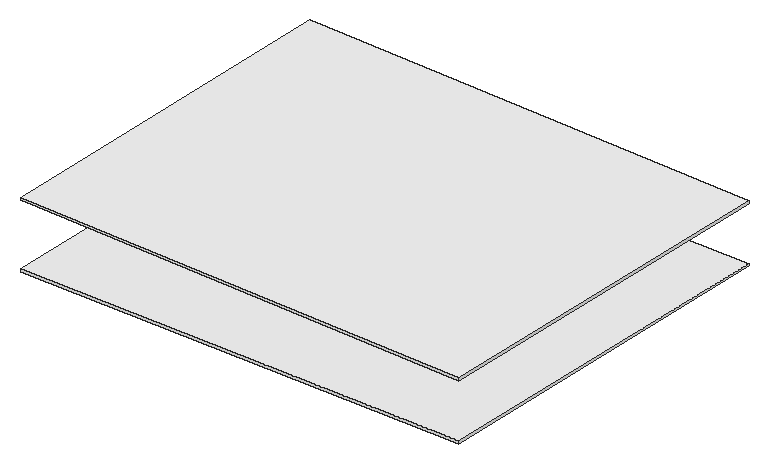
Revit family "Laje_Con_Pilotis_Dupla_Lisa", category Structural Framing, Revit 2020
Family settings
  Display in Hidden Views = Edges Hidden by Other Members
  Structural Framing Length Roundoff = 0.000 m
  Section Shape = Not Defined
  Material for Model Behavior = Concrete
  Always export as geometry = No
  OmniClass Number = 23.25.30.11.14.14
  OmniClass Title = Beams
  Always vertical = Yes
  Cut with Voids When Loaded = No
  Symbolic Representation = From Family
  Shared = No
  Show family pre-cut in plan views = Yes
Parameters (values of type "LAJ_012x130_PLT_CON_DUP_COB")
  Structural Material [instance] = CT_Concreto
  Modulo_Inferior [instance] = 7.380 m
  Modulo_Superior [instance] = 7.300 m
  Material_Laje_Superior = CT_Concreto
  Material_Laje_Inferior = CT_Concreto
  H2 [instance] = 1.140 m
  Assembly Code = ""
  Length [instance] = 8.950 m
  b = 0.120 m
  h = 1.300 m
Reference planes (m)
  plane 1 "Center (Front/Back)": y = 0
  plane 2: z = 0
  plane 3 "Center (Left/Right)": x = 5.20261
  plane 4: z = 1.3
  plane 5 "Left": x = 0.72761
  plane 6 "Right": x = 9.67761
  plane 7: z = 1.14
  plane 8: y = 7.38
  plane 9: y = 3.69
Forms (m)
  Extrusion 1, solid, material "CT_Concreto" <- "Material_Laje_Inferior"
    sketch origin (0, 0, -0.05) x (1, 0, 0) y (0, 0, 1)
      loop
        line (0.72761, 0) -> (9.67761, 0) -> (9.67761, 0.05) -> (0.72761, 0.05) -> (0.72761, 0)
    from -7.38 to 0
  Extrusion 2, solid, material "CT_Concreto" <- "Material_Laje_Superior"
    sketch origin (0, 0, -0.05) x (1, 0, 0) y (0, 0, 1)
      loop
        line (0.72761, 1.35) -> (0.72761, 1.299992) -> (9.67761, 1.139992) -> (9.67761, 1.19) -> (0.72761, 1.35)
    from -7.38 to 0
Dimensions and locks (m)
  plane 2 to plane 4 = 1.300 m
  "Length": plane 5 "Left" to plane 6 "Right"
  "h": plane 4 to plane 2
  "H2": plane 7 to level
  Extrusion 1 to Extrusion 1 = 7.380 m  (x2)
  equal spacing: plane 8, plane 9, plane 1 "Center (Front/Back)"
  "Modulo_Inferior": plane 8 to plane 1 "Center (Front/Back)"
  Extrusion 1 to plane 9 to Extrusion 1 = 3.690 m, 3.690 m
  aligned and locked: plane 6 "Right" to Extrusion 1 sketch curve
  aligned and locked: Extrusion 1 sketch curve to plane 5 "Left"
  aligned and locked: plane 1 "Center (Front/Back)" to Extrusion 1
  aligned and locked: Extrusion 1 to plane 8
  aligned and locked: Extrusion 1 to level
  aligned and locked: Extrusion 1 to plane 6 "Right"
  aligned and locked: Extrusion 2 to plane 6 "Right"
  aligned and locked: plane 5 "Left" to Extrusion 2
  aligned and locked: plane 5 "Left" to Extrusion 1
  aligned and locked: Extrusion 1 to plane 1 "Center (Front/Back)"
  aligned and locked: plane 1 "Center (Front/Back)" to Extrusion 2
  aligned and locked: Extrusion 2 to plane 8
  aligned and locked: plane 8 to Extrusion 1
Automatic sketch dimensions
  Extrusion 1 sketch curve to level = 0.000 m
  Extrusion 1 sketch curve to level = 0.050 m
  Extrusion 2 sketch curve to plane 6 "Right" = 0.000 m
  plane 4 to Extrusion 2 sketch curve = 0.210008 m
  Extrusion 2 sketch curve to Extrusion 2 sketch curve = 0.050008 m  (x2)
  plane 4 to Extrusion 2 sketch curve = 0.050008 m
  plane 5 "Left" to Extrusion 2 sketch curve = 0.000 m
